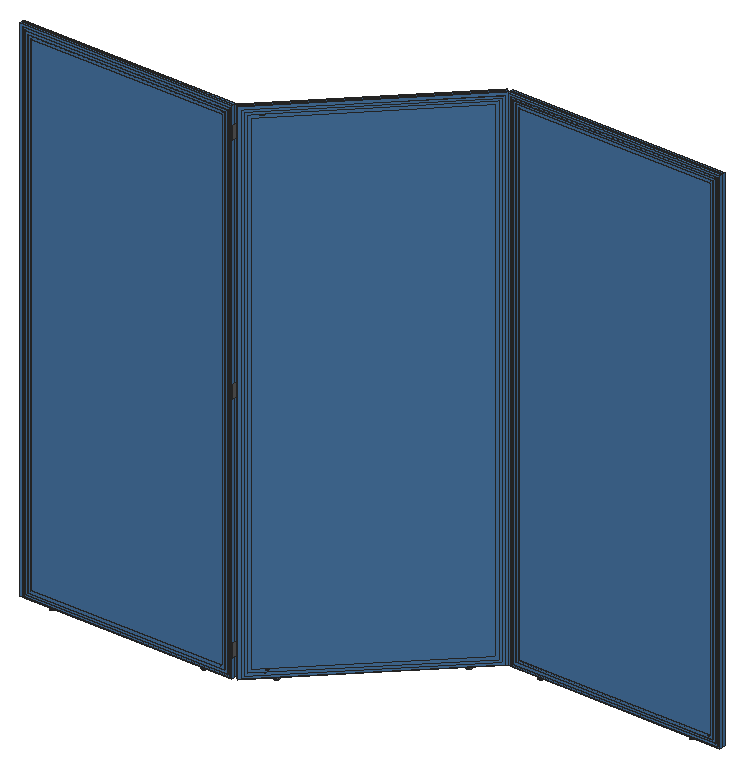
Revit family "Haworth_BuzziFalls_Standing", category Furniture, Revit 2018
Family settings
  OmniClass Number = 23.40.70.14.64.21
  OmniClass Title = Systems Furniture
  Work Plane-Based = No
  Always vertical = Yes
  Cut with Voids When Loaded = No
  Shared = No
  Room Calculation Point = No
Parameters (values of type "HCBZ-FSS3")
  Warranty = "http://www.haworth.com/resources/product-info/warranties"
  URL - Product = "https://www.haworth.com/products/architectural-interiors/acoustic-solutions/buzzifalls-standing"
  URL = "http://www.haworth.com/our-brands/haworth-collection"
  Trio Screen = yes
  Size = "Verify Final Dim. w/ Haworth"  # constant formula
  Single = no
  Screen Finish [instance] = Haworth _ Fabric _ BuzziFelt _ Jeans BFE-75
  Revision Number = "1"  # constant formula
  Patterns = " Plain, Alhambra, Birch, Dots, Grid, Leaves, Orient, Palms, Parrots, Pebbles, Rain, Royal, Tropics"  # constant formula
  Model = "HCBZ-FSS"  # constant formula
  Manufacturer = "Haworth"  # constant formula
  Glide Finish = Haworth _ Paint _ Black BTR-9005
  Description = "Haworth BuzziFalls Standing Trio Screen Plain"
  Author = "Haworth (Abd Rahman)"  # constant formula
  Assembly Code = "E2020200"
  Add On Screen = not(or(Single, Trio Screen))  # no
  Actual Width = if(Add On Screen, 33 9/128", if(Single, 33 9/128", 100 101/128"))  # 100 101/128"
  Actual Height = 80 79/256"  # constant formula
  Actual Depth = 53/64"  # constant formula
Types (3): name | Trio Screen | Single | Description | Add On Screen | Actual Width
  HCBZ-FSS1 | no | yes | "Haworth BuzziFalls Standing Single Screen Plain" | no | 33 9/128"
  HCBZ-FSSA | no | no | "Haworth BuzziFalls Standing Add On Screen Plain" | yes | 33 9/128"
  HCBZ-FSS3 | yes | no | "Haworth BuzziFalls Standing Trio Screen Plain" | no | 100 101/128"
Reference planes (in)
  plane 1: z = 0
  plane 2 "Back": y = 2.16406
  plane 3 "Front": y = 1.33594
  plane 4 "Top": z = 80.30859
  plane 5 "Right": x = 82.70061
  plane 6 "Left": x = -18.08845
  plane 7: x = 32.30608
  plane 8: y = 1.75
  plane 9: z = 0.31496
Dimensions and locks (in)
  "Actual Width": plane 6 "Left" to plane 5 "Right"
  "Actual Depth": plane 3 "Front" to plane 2 "Back"
  equal spacing: plane 6 "Left", plane 7, plane 5 "Right"
  equal spacing: plane 2 "Back", plane 8, plane 3 "Front"
  "Actual Height": plane 4 "Top" to plane 1  (x2)
  aligned and locked: nested 1 to plane 9
  aligned and locked: plane 6 "Left" to nested 1
  aligned and locked: plane 2 "Back" to nested 1
  aligned and locked: plane 3 "Front" to nested 1
Nested families (in)
  nested 1: "Haworth_BuzziFalls_Standing_PART" at (30.75278, 3.5, 0) x (-1, 0, 0) z (0, 0, 1), Screen Finish <- "Screen Finish", type "PART"
    with Screen Finish Haworth _ Fabric _ BuzziFelt _ Jeans BFE-75, Single no, Add On Screen yes
  nested 2: "Haworth_BuzziFalls_Standing_PART" at (48.65763, 37.64495, 0) x (-0.7071, -0.7071, 0) z (0, 0, 1), visible <- "Trio Screen", Screen Finish <- "Screen Finish", type "PART"
    with Screen Finish Haworth _ Fabric _ BuzziFelt _ Jeans BFE-75, Single no, Add On Screen yes
  nested 3: "Haworth_BuzziFalls_Standing_PART" at (87.93141, 27.13733, 0) x (-1, 0, 0) z (0, 0, 1), visible <- "Trio Screen", Screen Finish <- "Screen Finish", type "PART - Plain"
    with Screen Finish Haworth _ Fabric _ BuzziFelt _ Jeans BFE-75
Definition of nested family "Haworth_BuzziFalls_Standing_PART"
  Parameters (values of type "PART")
    Warranty = "http://www.haworth.com/resources/product-info/warranties"
    URL - Product = "https://www.haworth.com/products/architectural-interiors/acoustic-solutions/buzzifalls-standing"
    URL = "http://www.haworth.com/our-brands/haworth-collection"
    Size = "Verify Final Dim. w/ Haworth"  # constant formula
    Single = yes
    Screen Finish [instance] = none
    Revision Number = "1"  # constant formula
    Patterns = " Plain, Alhambra, Birch, Dots, Grid, Leaves, Orient, Palms, Parrots, Pebbles, Rain, Royal, Tropics"  # constant formula
    Model = "HCBZ-FSS"  # constant formula
    Manufacturer = "Haworth"  # constant formula
    Glide Finish = none
    Description = "Haworth BuzziFalls Standing - Single Screen - Plain - PART"
    Author = "Haworth (Abd Rahman)"  # constant formula
    Assembly Code = "E2020200"
    Add On Screen = not(Single)  # no
    Actual Width = 33 9/128"  # constant formula
    Actual Height = 80 79/256"  # constant formula
    Actual Depth = 53/64"  # constant formula
  Reference planes (in)
    plane 1: z = 0
    plane 2 "Back": y = 2.16406
    plane 3 "Front": y = 1.33594
    plane 4 "Top": z = 80.30859
    plane 5 "Right": x = 48.84124
    plane 6 "Left": x = 15.77092
    plane 7: x = 32.30608
    plane 8: y = 1.75
    plane 9: y = 1.84646
    plane 10: y = 1.65354
    plane 11: z = 79.92126
    plane 12: x = 17.38588
    plane 13: x = 47.30714
    plane 14: z = 0.31496
  Forms (in)
    Extrusion 1, solid, material <- "Screen Finish"
      sketch origin (0, 0, 0) x (1, 0, 0) y (0, 1, 0)
        loop
          line (15.77092, 1.65354) -> (15.77092, 1.33594) -> (48.84124, 1.33594) -> (48.84124, 1.65354) -> (15.77092, 1.65354)
      from 0.31496 to 80.30859
    Extrusion 2, solid, material <- "Screen Finish"
      sketch origin (0, 3.5, 0) x (1, 0, 0) y (0, 1, 0)
        loop
          line (15.77092, -1.65354) -> (48.84124, -1.65354) -> (48.84124, -1.33594) -> (15.77092, -1.33594) -> (15.77092, -1.65354)
      from 0.31496 to 80.30859
    Extrusion 3, solid, material <- "Screen Finish"
      sketch origin (0, 0, 0) x (1, 0, 0) y (0, 1, 0)
        loop
          line (48.43316, 1.65354) -> (48.43316, 1.84646) -> (16.40645, 1.84646) -> (16.40645, 1.65354) -> (48.43316, 1.65354)
      from 0.31496 to 79.92126
    Extrusion 4, void
      sketch origin (0, 1.33594, 0) x (-1, 0, 0) y (0, 0, -1)
        loop
          line (-17.2726, -1.56539) -> (-47.19386, -1.56539) -> (-47.19386, -78.73075) -> (-17.2726, -78.73075) -> (-17.2726, -1.56539)
        loop
          line (-16.85921, -1.15201) -> (-47.60724, -1.15201) -> (-47.60724, -79.14413) -> (-16.85921, -79.14413) -> (-16.85921, -1.15201)
        loop
          line (-16.87889, -1.17169) -> (-47.58755, -1.17169) -> (-47.58755, -79.12445) -> (-16.87889, -79.12445) -> (-16.87889, -1.17169)
      from -0.01283 to 1.10552
    Extrusion 5, void
      sketch origin (0, 1.33594, 0) x (-1, 0, 0) y (0, 0, -1)
        loop
          line (-16.40069, -0.69349) -> (-48.06576, -0.69349) -> (-48.06576, -79.60265) -> (-16.40069, -79.60265) -> (-16.40069, -0.69349)
        loop
          line (-16.3943, -79.60904) -> (-16.3943, -0.6871) -> (-48.07215, -0.6871) -> (-48.07215, -79.60904) -> (-16.3943, -79.60904)
        loop
          line (-48.37496, -0.38429) -> (-48.37496, -79.91185) -> (-16.09149, -79.91185) -> (-16.09149, -0.38429) -> (-48.37496, -0.38429)
        loop
          line (-48.35527, -0.40398) -> (-48.35527, -79.89217) -> (-16.11118, -79.89217) -> (-16.11118, -0.40398) -> (-48.35527, -0.40398)
      from -0.19753 to 1.68775
    Extrusion 6, void
      sketch origin (0, 2.16406, 0) x (-1, 0, 0) y (0, 0, 1)
        loop
          line (-17.2726, 1.56539) -> (-17.2726, 78.73075) -> (-47.19386, 78.73075) -> (-47.19386, 1.56539) -> (-17.2726, 1.56539)
        loop
          line (-16.85921, 1.15201) -> (-16.85921, 79.14413) -> (-47.60724, 79.14413) -> (-47.60724, 1.15201) -> (-16.85921, 1.15201)
        loop
          line (-16.87889, 1.17169) -> (-16.87889, 79.12445) -> (-47.58755, 79.12445) -> (-47.58755, 1.17169) -> (-16.87889, 1.17169)
      from -0.01283 to 1.10552
    Extrusion 7, void
      sketch origin (0, 2.16406, 0) x (-1, 0, 0) y (0, 0, 1)
        loop
          line (-16.40069, 0.69349) -> (-16.40069, 79.60265) -> (-48.06576, 79.60265) -> (-48.06576, 0.69349) -> (-16.40069, 0.69349)
        loop
          line (-16.3943, 79.60904) -> (-48.07215, 79.60904) -> (-48.07215, 0.6871) -> (-16.3943, 0.6871) -> (-16.3943, 79.60904)
        loop
          line (-48.37496, 0.38429) -> (-16.09149, 0.38429) -> (-16.09149, 79.91185) -> (-48.37496, 79.91185) -> (-48.37496, 0.38429)
        loop
          line (-48.35527, 0.40398) -> (-16.11118, 0.40398) -> (-16.11118, 79.89217) -> (-48.35527, 79.89217) -> (-48.35527, 0.40398)
      from -0.19753 to 1.68775
    Revolve 8, solid, material <- "Glide Finish"
      sketch origin (0.00078, 1.74865, 0) x (-1, 0, 0) y (0, 0, 1)
        loop
          line (-20.4222, -0.01187) -> (-20.4222, 0.9527) -> (-20.54031, 0.9527) -> (-20.54031, 0.20467) -> (-20.78637, 0.20467)
          arc (-20.78637, 0.20467) -> (-20.80725, 0.19602) -> (-20.8159, 0.17514) r 0.02953
          line (-20.8159, 0.17514) -> (-20.8159, 0.01766)
          arc (-20.8159, 0.01766) -> (-20.80725, -0.00322) -> (-20.78637, -0.01187) r 0.02953
          line (-20.78637, -0.01187) -> (-20.4222, -0.01187)
        axis (-20.4222, 0.9527) -> (-20.4222, -0.01187)
      angle from 0 to 360
    Revolve 9, solid, material <- "Glide Finish"
      sketch origin (64.46294, 1.74865, 0) x (1, 0, 0) y (0, 0, 1)
        loop
          line (-20.4222, -0.01187) -> (-20.4222, 0.9527) -> (-20.54031, 0.9527) -> (-20.54031, 0.20467) -> (-20.78637, 0.20467)
          arc (-20.78637, 0.20467) -> (-20.80725, 0.19602) -> (-20.8159, 0.17514) r 0.02953
          line (-20.8159, 0.17514) -> (-20.8159, 0.01766)
          arc (-20.8159, 0.01766) -> (-20.80725, -0.00322) -> (-20.78637, -0.01187) r 0.02953
          line (-20.78637, -0.01187) -> (-20.4222, -0.01187)
        axis (-20.4222, 0.9527) -> (-20.4222, -0.01187)
      angle from 0 to 360
    Extrusion 10, solid, material <- "Glide Finish", visible <- "Add On Screen"
      sketch origin (0, 0, 0) x (1, 0, 0) y (0, 1, 0)
        loop
          line (15.68903, 1.43935) -> (15.18793, 1.94045) -> (15.13225, 1.88477) -> (15.6326, 1.38443)
          arc (15.6326, 1.38443) -> (15.71889, 1.36727) -> (15.76777, 1.44042) r 0.07918
          line (15.76777, 1.44042) -> (15.76777, 2.14801) -> (15.68903, 2.14801) -> (15.68903, 1.43935)
      from 3.33825 to 5.33465
    Extrusion 11, solid, material <- "Glide Finish", visible <- "Add On Screen"
      sketch origin (0.0013, 0, 36.1378) x (1, 0, 0) y (0, 1, 0)
        loop
          line (15.68903, 1.43935) -> (15.18793, 1.94045) -> (15.13225, 1.88477) -> (15.6326, 1.38443)
          arc (15.6326, 1.38443) -> (15.71889, 1.36727) -> (15.76777, 1.44042) r 0.07918
          line (15.76777, 1.44042) -> (15.76777, 2.14801) -> (15.68903, 2.14801) -> (15.68903, 1.43935)
      from 3.33825 to 5.33465
    Extrusion 12, solid, material <- "Glide Finish", visible <- "Add On Screen"
      sketch origin (0.0013, 0, 72.29527) x (1, 0, 0) y (0, 1, 0)
        loop
          line (15.68903, 1.43935) -> (15.18793, 1.94045) -> (15.13225, 1.88477) -> (15.6326, 1.38443)
          arc (15.6326, 1.38443) -> (15.71889, 1.36727) -> (15.76777, 1.44042) r 0.07918
          line (15.76777, 1.44042) -> (15.76777, 2.14801) -> (15.68903, 2.14801) -> (15.68903, 1.43935)
      from 3.33825 to 5.33465
  Cuts and joins
    Extrusion 4, Extrusion 5, Extrusion 6, Extrusion 7 cuts Extrusion 1
    Extrusion 6, Extrusion 7 cuts Extrusion 2
  Lines and regions (in)
    Masking region 1
      outline origin (0, 0, 0) x (1, 0, 0) y (0, 1, 0)
        loop
          line (15.77092, 2.16406) -> (15.77092, 1.33594) -> (48.84124, 1.33594) -> (48.84124, 2.16406) -> (15.77092, 2.16406)
    symbolic lines, visible <- "Add On Screen"
      curve 1: line (15.69033, 1.43935, 0) -> (15.18923, 1.94045, 0)
      curve 2: line (15.18923, 1.94045, 0) -> (15.13355, 1.88477, 0)
      curve 3: line (15.13355, 1.88477, 0) -> (15.6339, 1.38443, 0)
      curve 4: arc (15.6339, 1.38443, 0) -> (15.72019, 1.36727, 0) -> (15.76907, 1.44042, 0) r 0.07918
      curve 5: line (15.69033, 2.14801, 0) -> (15.69033, 1.43935, 0)
      curve 6: line (15.76907, 2.14801, 0) -> (15.69033, 2.14801, 0)
      curve 7: line (15.76907, 1.44042, 0) -> (15.76907, 2.14801, 0)
  Dimensions and locks (in)
    "Actual Width": plane 6 "Left" to plane 5 "Right"
    "Actual Depth": plane 3 "Front" to plane 2 "Back"
    equal spacing: plane 6 "Left", plane 7, plane 5 "Right"
    equal spacing: plane 2 "Back", plane 8, plane 3 "Front"
    "Actual Height": plane 4 "Top" to plane 1  (x2)
    locked: plane 4 "Top" to plane 11 at 0.38733
    aligned and locked: plane 4 "Top" to Extrusion 1
    aligned and locked: Extrusion 3 to plane 11
    aligned and locked: plane 14 to cut or joined group of Extrusion 1, Extrusion 4, Extrusion 5, Extrusion 6, Extrusion 7
    aligned and locked: plane 14 to cut or joined group of Extrusion 2, Extrusion 6, Extrusion 7
    aligned and locked: plane 14 to Extrusion 3
    aligned and locked: plane 6 "Left" to Masking region 1
    aligned and locked: plane 2 "Back" to Masking region 1
    aligned and locked: plane 3 "Front" to Masking region 1
    aligned and locked: plane 5 "Right" to Masking region 1
  Automatic sketch dimensions
    plane 3 "Front" to Extrusion 1 sketch curve = 0"
    Extrusion 1 sketch curve to plane 6 "Left" = 0"
    Extrusion 1 sketch curve to plane 5 "Right" = 0"
    plane 10 to Extrusion 1 sketch curve = 0"
    Extrusion 2 sketch curve to plane 2 "Back" = 0"
    Extrusion 2 sketch curve to plane 6 "Left" = 0"
    Extrusion 2 sketch curve to plane 5 "Right" = 0"
    Extrusion 2 sketch curve to plane 9 = 0"
    plane 10 to Extrusion 3 sketch curve = 0"
    Extrusion 3 sketch curve to plane 9 = 0"
    Extrusion 3 sketch curve to plane 6 "Left" = 0.63553"
    Extrusion 3 sketch curve to plane 5 "Right" = 0.40808"
    plane 13 to Extrusion 4 sketch curve = 0.30011"
    Extrusion 4 sketch curve to Extrusion 4 sketch curve = 0.01969"  (x3)
    Extrusion 4 sketch curve to plane 13 = 29/256"
    Extrusion 4 sketch curve to plane 12 = 29/256"
    Extrusion 4 sketch curve to plane 12 = 0.50698"
    plane 14 to Extrusion 4 sketch curve = 0.83705"
    Extrusion 4 sketch curve to Extrusion 4 sketch curve = 0.3937"
    Extrusion 4 sketch curve to plane 11 = 1.19052"
    Extrusion 4 sketch curve to Extrusion 4 sketch curve = 0.39371"
    Extrusion 4 sketch curve to Extrusion 4 sketch curve = 0.01968"
    plane 14 to Extrusion 5 sketch curve = 0.06933"
    plane 5 "Right" to Extrusion 5 sketch curve = 0.46628"
    Extrusion 5 sketch curve to Extrusion 5 sketch curve = 0.01968"
    Extrusion 5 sketch curve to Extrusion 5 sketch curve = 0.28312"
    Extrusion 5 sketch curve to Extrusion 5 sketch curve = 0.00639"  (x4)
    plane 6 "Left" to Extrusion 5 sketch curve = 0.62976"
    Extrusion 5 sketch curve to plane 11 = 0.0291"
    plane 6 "Left" to Extrusion 5 sketch curve = 0.34025"
    Extrusion 5 sketch curve to plane 11 = 0.00941"
    Extrusion 5 sketch curve to Extrusion 5 sketch curve = 0.01969"  (x2)
    plane 14 to Extrusion 5 sketch curve = 0.37214"
    Extrusion 5 sketch curve to plane 11 = 0.31861"
    Extrusion 6 sketch curve to plane 13 = 0.30011"
    Extrusion 6 sketch curve to Extrusion 6 sketch curve = 0.01969"  (x3)
    plane 13 to Extrusion 6 sketch curve = 29/256"
    plane 12 to Extrusion 6 sketch curve = 29/256"
    plane 12 to Extrusion 6 sketch curve = 0.50698"
    Extrusion 6 sketch curve to plane 14 = 0.83705"
    Extrusion 6 sketch curve to Extrusion 6 sketch curve = 0.3937"
    plane 11 to Extrusion 6 sketch curve = 1.19052"
    Extrusion 6 sketch curve to Extrusion 6 sketch curve = 0.39371"
    Extrusion 6 sketch curve to Extrusion 6 sketch curve = 0.01968"
    Extrusion 7 sketch curve to plane 14 = 0.06933"
    Extrusion 7 sketch curve to plane 5 "Right" = 0.46628"
    Extrusion 7 sketch curve to Extrusion 7 sketch curve = 0.01968"
    Extrusion 7 sketch curve to Extrusion 7 sketch curve = 0.28312"
    Extrusion 7 sketch curve to Extrusion 7 sketch curve = 0.00639"  (x4)
    Extrusion 7 sketch curve to plane 6 "Left" = 0.62976"
    plane 11 to Extrusion 7 sketch curve = 0.0291"
    Extrusion 7 sketch curve to plane 6 "Left" = 0.34025"
    plane 11 to Extrusion 7 sketch curve = 0.00941"
    Extrusion 7 sketch curve to Extrusion 7 sketch curve = 0.01969"  (x2)
    Extrusion 7 sketch curve to plane 14 = 0.37214"
    plane 11 to Extrusion 7 sketch curve = 0.31861"
    Revolve 8 sketch curve to plane 14 = 0.13982"
    plane 12 to Revolve 8 sketch curve = 3.43081"
    Revolve 8 sketch curve to Revolve 8 sketch curve = 0.02953"  (x2)
    Revolve 8 sketch curve to Revolve 8 sketch curve = 0.24606"
    Revolve 8 sketch curve to Revolve 8 sketch curve = 0.11811"
    Revolve 8 sketch curve to level = 0.01766"
    plane 14 to Revolve 8 sketch curve = 0.63773"
    Revolve 8 sketch curve to Revolve 8 sketch curve = 0"  (x3)
    plane 14 to Revolve 9 sketch curve = 0.13982"
    plane 13 to Revolve 9 sketch curve = 3.6601"
    Revolve 9 sketch curve to Revolve 9 sketch curve = 0.02953"  (x2)
    Revolve 9 sketch curve to Revolve 9 sketch curve = 0.24606"
    Revolve 9 sketch curve to Revolve 9 sketch curve = 0.11811"
    level to Revolve 9 sketch curve = 0.01766"
    Revolve 9 sketch curve to plane 14 = 0.63773"
    Revolve 9 sketch curve to Revolve 9 sketch curve = 0"  (x3)
    plane 9 to Extrusion 10 sketch curve = 0.03832"
    plane 6 "Left" to Extrusion 10 sketch curve = 0.63867"
    plane 9 to Extrusion 10 sketch curve = 0.094"
    Extrusion 10 sketch curve to Extrusion 10 sketch curve = 0.05568"
    Extrusion 10 sketch curve to plane 3 "Front" = 0.04849"
    Extrusion 10 sketch curve to Extrusion 10 sketch curve = 0.05599"
    Extrusion 10 sketch curve to plane 2 "Back" = 0.01605"
    plane 6 "Left" to Extrusion 10 sketch curve = 0.08189"
    plane 6 "Left" to Extrusion 10 sketch curve = 0.00315"
    plane 9 to Extrusion 11 sketch curve = 0.03832"
    plane 6 "Left" to Extrusion 11 sketch curve = 0.63737"
    plane 9 to Extrusion 11 sketch curve = 0.094"
    Extrusion 11 sketch curve to Extrusion 11 sketch curve = 0.05568"
    Extrusion 11 sketch curve to plane 3 "Front" = 0.04849"
    Extrusion 11 sketch curve to Extrusion 11 sketch curve = 0.05599"
    Extrusion 11 sketch curve to plane 2 "Back" = 0.01605"
    plane 6 "Left" to Extrusion 11 sketch curve = 0.08059"
    plane 6 "Left" to Extrusion 11 sketch curve = 0.00185"
    plane 9 to Extrusion 12 sketch curve = 0.03832"
    plane 6 "Left" to Extrusion 12 sketch curve = 0.63737"
    plane 9 to Extrusion 12 sketch curve = 0.094"
    Extrusion 12 sketch curve to Extrusion 12 sketch curve = 0.05568"
    Extrusion 12 sketch curve to plane 3 "Front" = 0.04849"
    Extrusion 12 sketch curve to Extrusion 12 sketch curve = 0.05599"
    Extrusion 12 sketch curve to plane 2 "Back" = 0.01605"
    plane 6 "Left" to Extrusion 12 sketch curve = 0.08059"
    plane 6 "Left" to Extrusion 12 sketch curve = 0.00185"
    plane 3 "Front" to Masking region 1 sketch curve = 0"
    Masking region 1 sketch curve to plane 6 "Left" = 0"
    Masking region 1 sketch curve to plane 5 "Right" = 0"
    Masking region 1 sketch curve to plane 2 "Back" = 0"
    plane 6 "Left" to curve 2 = 0.58169"
    plane 9 to curve 2 = 0.03832"
    curve 2 to curve 1 = 0.05568"
    plane 6 "Left" to curve 1 = 0.08059"
    curve 3 to plane 3 "Front" = 0.04849"
    curve 4 to curve 1 = 0.00044"
    curve 1 to curve 4 = 0.00107"
    curve 5 to plane 2 "Back" = 0.01605"
    plane 6 "Left" to curve 6 = 0.00185"
